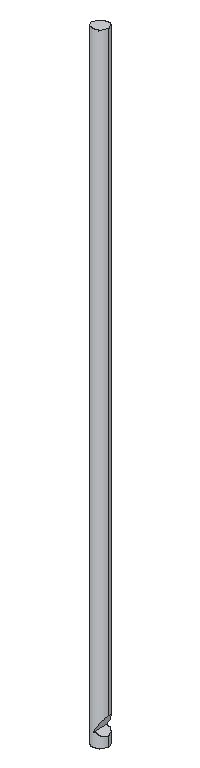
Revit family "排架柱", category 常规模型, Revit 2022
Family settings
  可将钢筋附着到主体 = 否
  圆形连接件大小 = 使用直径
  零件类型 = 标准
  基于工作平面 = 否
  总是垂直 = 是
  加载时剪切的空心 = 否
  保持注释方向 = 否
  共享 = 否
  房间计算点 = 否
Parameters
  默认高程 = 0 mm
  排架柱高度h = 12000 mm
  排架柱半径 = 150 mm
  三节苗垫苗木高度 = 500 mm
  三节苗垫苗木宽度 = 420 mm
  三节苗垫苗木倾斜角度 = 60.00°
  008 = -500 mm - 2 * 排架柱半径  # -800 mm
  007 = 0 mm
  006 = 三节苗垫苗木高度  # 500 mm
  005 = 三节苗垫苗木宽度  # 420 mm
  004 = 0 mm
  003 = 90.00°
  002 = 90.00°
  001 = 90.00°
  000 = 2 * 排架柱半径  # 300 mm
Reference planes
  plane 1 "中心(前/后)": y = 0
  plane 2: z = 0
  plane 3 "中心(左/右)": x = 0
Forms (mm)
  Extrusion 1, solid
    sketch origin (0, 0, 0) x (1, 0, 0) y (0, 1, 0)
      loop
        circle (-1563.148, 387.435) r 150
    from 0 to 12000 <- "排架柱高度h"
  Extrusion 2, void
    sketch origin (0, 0, 0) x (1, 0, 0) y (0, 0, 1)
      loop
        line (-1563.148, 259.808) -> (-1130.135, 9.808) -> (-920.135, 373.538) -> (-1353.148, 623.538) -> (-1563.148, 259.808)
    from 0 to -800 <- "008"
Cuts and joins
  Extrusion 2 cuts Extrusion 1
Lines and regions (mm)
  reference lines
    curve 1: line (-1713.148, 0, 0) -> (-933.148, 0, 0)
    curve 2: line (-1713.148, 0, 0) -> (-1353.148, 0, 623.538)
    curve 3: line (-1353.148, 0, 623.538) -> (-920.135, 0, 373.538)
    curve 4: line (-920.135, 0, 373.538) -> (-1130.135, 0, 9.808)
    curve 5: line (-1130.135, 0, 9.808) -> (-1563.148, 0, 259.808)
    curve 6: line (-1713.148, 0, 0) -> (-1280.135, 0, -250)
    curve 7: line (-1280.135, 0, -250) -> (-1130.135, 0, 9.808)
Dimensions and locks
  "三节苗垫苗木宽度": curve 5 to curve 3
  "三节苗垫苗木高度": curve 2 to curve 4
  "000": curve 5 to curve 6
  "005": Extrusion 2 sketch curve to Extrusion 2 sketch curve
  "004": curve 3 to Extrusion 2 sketch curve
  "006": Extrusion 2 sketch curve to Extrusion 2 sketch curve
  "007": Extrusion 2 sketch curve to curve 2
  "排架柱半径": radius of Extrusion 1 sketch curve
  "三节苗垫苗木倾斜角度": angle curve 1 to curve 2
  "002": angle Extrusion 2 sketch curve to Extrusion 2 sketch curve
  "001": angle Extrusion 2 sketch curve to Extrusion 2 sketch curve
  "003": angle Extrusion 2 sketch curve to Extrusion 2 sketch curve
  aligned and locked: level to plane 2
Automatic sketch dimensions
  Extrusion 1 sketch curve to plane 1 "中心(前/后)" = 387.435 mm
  Extrusion 1 sketch curve to plane 3 "中心(左/右)" = 1563.148 mm
  curve 6 to level = 0 mm
  curve 6 to plane 3 "中心(左/右)" = 1713.148 mm
